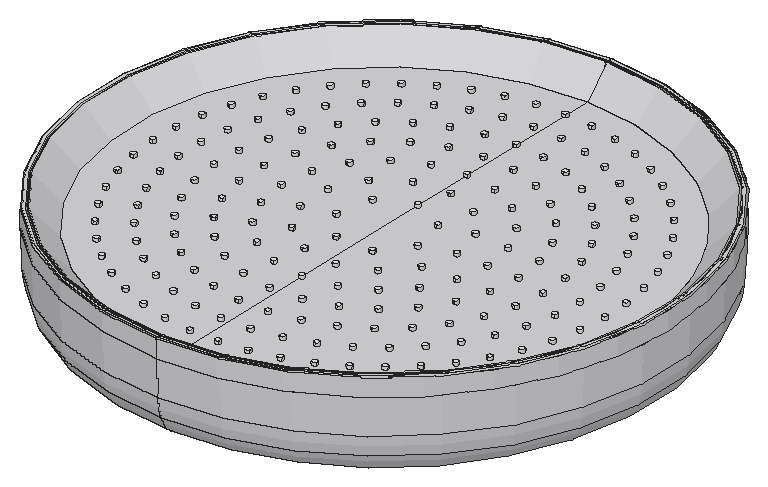
Revit family "Shower-Rainhead-KOHLER-K-26292_1", category Plumbing Fixtures, host Face, Revit 2017
Family settings
  Host = Face
  Round Connector Dimension = Use Diameter
  Part Type = Normal
  OmniClass Number = 23.31.17.00
  OmniClass Title = Showers
  Cut with Voids When Loaded = No
  Shared = No
  Room Calculation Point = No
Parameters (values of type "CP-Polished Chrome")
  Width = 13 115/128"  # constant formula
  WaterSense Certified = 1 = 0  # no
  Waste Water Outlet = "Waste Water Outlet"  # constant formula
  Waste Connection = 1 = 0  # no
  Vent Connection = 1 = 0  # no
  URL = "https://www.us.kohler.com/us/"
  Type = 1
  Product Page URL = "http://www.us.kohler.com/us/catalog/productDetails.jsp?productId=26292"
  Product Name = ""
  Product Documentation Link = "https://www.us.kohler.com/webassets/kpna/catalog/pdf/en/K-26292_spec.pdf"
  Pressure = 0.00 psi
  Model = if(Type = 1, "K-26292-CP", if(Type = 2, "K-26292-BN", if(Type = 3, "K-26292-BL", if(Type = 4, "K-26292-2MB", "NA"))))  # "K-26292-CP"
  Material = "Plastic"  # constant formula
  Master Format 2014 Name = "Residential Showers"  # constant formula
  Master Format 2014 = "22 42 23"  # constant formula
  Manufacturer Address = "444 Highland Dr, Kohler, WI 53044"  # constant formula
  Manufacturer = "KOHLER Co."  # constant formula
  Length = 13 115/128"  # constant formula
  Hot Water Inlet = "Tempered Water Inlet"  # constant formula
  Height = 3 31/32"  # constant formula
  HW Connection = 1 = 1  # yes
  Flow Rate = 2.5 GPM  # constant formula
  Finish = KOHLER-Plastic-CP-Polished_Chrome
  Environmental Product Declaration = ""
  Drain Included = 1 = 0  # no
  Description = "1F Medium Round Rainhead"  # constant formula
  Default Elevation = 0"
  Declare Label = ""
  Date Modified = "01/21/2021"  # constant formula
  Date Created = "01/21/2021"  # constant formula
  Copyright = "Copyright KOHLER Co."  # constant formula
  Contact Us = "https://www.us.kohler.com/us/static/contact.jsp"
  Cold Water Inlet = "Cold Water Inlet"  # constant formula
  CW Connection = 1 = 0  # no
  Assembly Code = "D2010700"
  ADA Compliant = 1 = 0  # no
Types (5): name | Type | Model | Finish
  (no name) | 1 | "K-26292-CP" | KOHLER-Plastic-CP-Polished_Chrome
  CP-Polished Chrome | 1 | "K-26292-CP" | KOHLER-Plastic-CP-Polished_Chrome
  BN-Vibrant Brushed Nickel | 2 | "K-26292-BN" | KOHLER-Plastic-BN-Vibrant_Brushed_Nickel
  BL-Matte Black | 3 | "K-26292-BL" | KOHLER-Plastic-BL-Matte_Black
  2MB-Vibrant Brushed Moderne Brass | 4 | "K-26292-2MB" | KOHLER-Plastic-2MB-Vibrant_Brushed_Moderne_Brass
Reference planes (in)
  plane 1 "Center (Front/Back)": y = 0
  plane 2: z = 0
  plane 3 "Center (Left/Right)": x = 0
  plane 4: y = 6.95
  plane 5: y = 2.98125
  plane 6: x = -6.95
  plane 7: x = 6.94844
  plane 8: z = 3.96875
  plane 9: z = 1.19
Dimensions and locks (in)
  "Height": plane 8 to level
  "Height": plane 4 to plane 5
  "Width": plane 6 to plane 7
  aligned and locked: plane 2 to host face
  aligned and locked: level to host face
Automatic sketch dimensions
  host sketch curve to host sketch curve = 96"  (x2)
Nested families (in)
  nested 1: "K-26292" at (0, 0, 0), type "K-26292"
Connectors (in)
  piping at (0, 0, 0), diameter 0.5, driven by "HW Connection", driven by "Hot Water Inlet", driven by "Flow Rate"
    settings: on nested 1, index 1, connector inside diameter 24", connector length 0", flow factor 0, pipe flow 2.5 GPM, pressure drop 0.00 psi, fitting loss kfactor 0, connector angle 0.00°, fixture units 0, engagement length 0", angle of deflection 0.00°, flow configuration 1, flow direction 1, fitting loss method 0, system type 19, joint type 0, gender type 0, connector reference index -1, connector utility 1, adjustable connector no, is connector primary yes, connector description "Tempered Water Inlet"
Definition of nested family "K-26292"
  Parameters (values of type "K-26292")
    Material = none
  Reference planes (in)
    plane 1 "Center (Front/Back)": y = 0
    plane 2: z = 0
    plane 3 "Center (Left/Right)": x = 0
    plane 4: x = -6.95
    plane 5: z = 3.97
    plane 6: z = 1.19
    plane 7: y = 6.95
    plane 8: x = 6.95
    plane 9: y = -6.95
  Forms (in)
    Revolve 1, solid, material <- "Material", detail levels medium+fine
      sketch origin (0, 0, 0) x (0, 1, 0) y (0, 0, 1)
        loop
          line (6.9281, 3.97) -> (6.8528, 3.97)
          arc (6.8528, 3.97) -> (6.83763, 3.96375) -> (6.83126, 3.94862) r 0.02155
          line (6.83126, 3.94862) -> (6.82967, 3.74213)
          arc (6.82967, 3.74213) -> (6.8221, 3.7815) -> (6.81956, 3.82151) r 0.31694
          line (6.81956, 3.82151) -> (6.81956, 3.95421)
          arc (6.81956, 3.95421) -> (6.81092, 3.96709) -> (6.79573, 3.96396) r 0.01391
          line (6.79573, 3.96396) -> (6.19738, 3.35453) -> (0, 3.35453) -> (0, 0) -> (0.47469, 0)
          arc (0.47469, 0) -> (0.48914, 0.00599) -> (0.49513, 0.02045) r 0.02045
          line (0.49513, 0.02045) -> (0.49513, 0.75101)
          arc (0.49513, 0.75101) -> (0.45634, 0.879) -> (0.35301, 0.96391) r 0.23052
          arc (0.35301, 0.96391) -> (0.31081, 1.0177) -> (0.33479, 1.08171) r 0.06978
          arc (0.33479, 1.08171) -> (0.44098, 1.20145) -> (0.50852, 1.34654) r 0.55414
          line (0.50852, 1.34654) -> (2.57513, 1.34654)
          arc (2.57513, 1.34654) -> (4.09102, 1.37419) -> (5.60489, 1.4571) r 41.56538
          arc (5.60489, 1.4571) -> (5.97056, 1.51447) -> (6.32179, 1.63124) r 2.24137
          arc (6.32179, 1.63124) -> (6.62545, 1.84229) -> (6.82058, 2.1564) r 0.91369
          arc (6.82058, 2.1564) -> (6.8901, 2.39883) -> (6.92366, 2.64879) r 1.73194
          arc (6.92366, 2.64879) -> (6.94341, 3.08298) -> (6.95, 3.51757) r 14.34154
          line (6.95, 3.51757) -> (6.95, 3.9481)
          arc (6.95, 3.9481) -> (6.94359, 3.96359) -> (6.9281, 3.97) r 0.0219
        axis (0, 3.97) -> (0, 0)
      angle from 0 to 360
    Extrusion 2, solid, material <- "Material", detail levels medium+fine
      sketch origin (0, 0, 0) x (1, 0, 0) y (0, 1, 0)
        loop
          circle (0, 0) r 0.5
        loop
          line (-0.35408, -0.85482) -> (0.35408, -0.85482) -> (0.85482, -0.35408) -> (0.85482, 0.35408) -> (0.35408, 0.85482) -> (-0.35408, 0.85482) -> (-0.85482, 0.35408) -> (-0.85482, -0.35408) -> (-0.35408, -0.85482)
      from 1.19 to 1.34654
    Sweep 3, solid, material <- "Material", detail levels medium+fine
      path origin (0, 0, 0) x (1, 0, 0) y (0, 1, 0)
        loop
          arc (0.8528, -0.37751) -> (0.8655, -0.3585) -> (0.86996, -0.33608) r 0.05859
          line (0.86996, -0.33608) -> (0.86996, 0.33608)
          arc (0.86996, 0.33608) -> (0.8655, 0.3585) -> (0.8528, 0.37751) r 0.05859
          line (0.8528, 0.37751) -> (0.37779, 0.85252)
          arc (0.37779, 0.85252) -> (0.35847, 0.86543) -> (0.33568, 0.86996) r 0.05955
          line (0.33568, 0.86996) -> (-0.33608, 0.86996)
          arc (-0.33608, 0.86996) -> (-0.3585, 0.8655) -> (-0.37751, 0.8528) r 0.05859
          line (-0.37751, 0.8528) -> (-0.8528, 0.37751)
          arc (-0.8528, 0.37751) -> (-0.8655, 0.3585) -> (-0.86996, 0.33608) r 0.05859
          line (-0.86996, 0.33608) -> (-0.86996, -0.33608)
          arc (-0.86996, -0.33608) -> (-0.8655, -0.3585) -> (-0.8528, -0.37751) r 0.05859
          line (-0.8528, -0.37751) -> (-0.37751, -0.8528)
          arc (-0.37751, -0.8528) -> (-0.3585, -0.8655) -> (-0.33608, -0.86996) r 0.05859
          line (-0.33608, -0.86996) -> (0.33608, -0.86996)
          arc (0.33608, -0.86996) -> (0.3585, -0.8655) -> (0.37751, -0.8528) r 0.05859
          line (0.37751, -0.8528) -> (0.8528, -0.37751)
      profile origin (0.61515, -0.61515, 0) x (0.707107, -0.707107, 0) y (0, 0, 1)
        loop
          line (-0.03076, 1.34654) -> (-0.03076, 1.19) -> (0.00031, 1.19)
          arc (0.00031, 1.19) -> (0.02793, 1.20144) -> (0.03937, 1.22906) r 0.03906
          line (0.03937, 1.22906) -> (0.03937, 1.3076)
          arc (0.03937, 1.3076) -> (0.02797, 1.33513) -> (0.00043, 1.34654) r 0.03894
          line (0.00043, 1.34654) -> (-0.03076, 1.34654)
    Extrusion 4, void
      sketch origin (0, 0, 0) x (1, 0, 0) y (0, 0, 1)
        loop
          line (-0.45475, 0.18235) -> (-0.45475, 0.92904) -> (-0.52139, 0.92904) -> (-0.52139, 0.09882) -> (-0.4667, 0.1535)
          arc (-0.4667, 0.1535) -> (-0.45786, 0.16674) -> (-0.45475, 0.18235) r 0.0408
        loop
          arc (0.45475, 0.18235) -> (0.45786, 0.16674) -> (0.4667, 0.1535) r 0.0408
          line (0.4667, 0.1535) -> (0.52139, 0.09882) -> (0.52139, 0.92904) -> (0.45475, 0.92904) -> (0.45475, 0.18235)
      from -1 to 1
    Extrusion 5, solid, detail levels medium+fine
      sketch origin (0, 0, 0) x (1, 0, 0) y (0, 1, 0)
        loop
          circle (-0.44206, -0.91889) r 0.06311
        loop
          circle (-0.99404, -0.22731) r 0.06311
        loop
          circle (-0.79749, 0.63545) r 0.06311
        loop
          circle (0, 1.0197) r 0.06311
        loop
          circle (0.44206, -0.91889) r 0.06311
        loop
          circle (0.99404, -0.22731) r 0.06311
        loop
          circle (0.79749, 0.63545) r 0.06311
        loop
          circle (1.76861, 0) r 0.06311
        loop
          circle (2.51861, 0) r 0.06311
        loop
          circle (3.26861, 0) r 0.06311
        loop
          circle (1.56602, 0.82191) r 0.06311
        loop
          circle (1.00468, 1.45553) r 0.06311
        loop
          circle (0.21318, 1.75571) r 0.06311
        loop
          circle (-0.62716, 1.65368) r 0.06311
        loop
          circle (-1.32382, 1.1728) r 0.06311
        loop
          circle (-1.71721, 0.42326) r 0.06311
        loop
          circle (1.56602, -0.82191) r 0.06311
        loop
          circle (1.00468, -1.45553) r 0.06311
        loop
          circle (0.21318, -1.75571) r 0.06311
        loop
          circle (-0.62716, -1.65368) r 0.06311
        loop
          circle (-1.32382, -1.1728) r 0.06311
        loop
          circle (-1.71721, -0.42326) r 0.06311
        loop
          circle (2.39534, 0.77829) r 0.06311
        loop
          circle (2.03759, 1.4804) r 0.06311
        loop
          circle (1.4804, 2.03759) r 0.06311
        loop
          circle (0.77829, 2.39534) r 0.06311
        loop
          circle (0, 2.51861) r 0.06311
        loop
          circle (-2.51861, 0) r 0.06311
        loop
          circle (-2.39534, 0.77829) r 0.06311
        loop
          circle (-2.03759, 1.4804) r 0.06311
        loop
          circle (-1.4804, 2.03759) r 0.06311
        loop
          circle (-0.77829, 2.39534) r 0.06311
        loop
          circle (2.39534, -0.77829) r 0.06311
        loop
          circle (2.03759, -1.4804) r 0.06311
        loop
          circle (1.4804, -2.03759) r 0.06311
        loop
          circle (0.77829, -2.39534) r 0.06311
        loop
          circle (0, -2.51861) r 0.06311
        loop
          circle (-2.39534, -0.77829) r 0.06311
        loop
          circle (-2.03759, -1.4804) r 0.06311
        loop
          circle (-1.4804, -2.03759) r 0.06311
        loop
          circle (-0.77829, -2.39534) r 0.06311
        loop
          circle (3.1805, 0.75379) r 0.06311
        loop
          circle (2.92093, 1.46695) r 0.06311
        loop
          circle (2.5039, 2.10102) r 0.06311
        loop
          circle (1.95188, 2.62182) r 0.06311
        loop
          circle (1.29463, 3.00129) r 0.06311
        loop
          circle (0.56759, 3.21895) r 0.06311
        loop
          circle (-0.19005, 3.26308) r 0.06311
        loop
          circle (-0.93745, 3.13129) r 0.06311
        loop
          circle (-1.6343, 2.8307) r 0.06311
        loop
          circle (-2.24305, 2.3775) r 0.06311
        loop
          circle (-2.73088, 1.79613) r 0.06311
        loop
          circle (-3.07148, 1.11793) r 0.06311
        loop
          circle (-3.2465, 0.37946) r 0.06311
        loop
          circle (3.1805, -0.75379) r 0.06311
        loop
          circle (2.92093, -1.46695) r 0.06311
        loop
          circle (2.5039, -2.10102) r 0.06311
        loop
          circle (1.95188, -2.62182) r 0.06311
        loop
          circle (1.29463, -3.00129) r 0.06311
        loop
          circle (0.56759, -3.21895) r 0.06311
        loop
          circle (-0.19005, -3.26308) r 0.06311
        loop
          circle (-0.93745, -3.13129) r 0.06311
        loop
          circle (-1.6343, -2.8307) r 0.06311
        loop
          circle (-2.24305, -2.3775) r 0.06311
        loop
          circle (-2.73088, -1.79613) r 0.06311
        loop
          circle (-3.07148, -1.11793) r 0.06311
        loop
          circle (-3.2465, -0.37946) r 0.06311
        loop
          circle (0, 4.01861) r 0.06311
        loop
          circle (-0.71755, 3.95403) r 0.06311
        loop
          circle (-1.41204, 3.76236) r 0.06311
        loop
          circle (-2.06114, 3.44977) r 0.06311
        loop
          circle (-2.644, 3.0263) r 0.06311
        loop
          circle (-3.14187, 2.50556) r 0.06311
        loop
          circle (-3.53877, 1.90429) r 0.06311
        loop
          circle (-3.82192, 1.24182) r 0.06311
        loop
          circle (-3.98224, 0.53943) r 0.06311
        loop
          circle (-4.01456, -0.18029) r 0.06311
        loop
          circle (-3.91785, -0.89422) r 0.06311
        loop
          circle (-3.69522, -1.57941) r 0.06311
        loop
          circle (-3.35382, -2.21384) r 0.06311
        loop
          circle (-2.90463, -2.77711) r 0.06311
        loop
          circle (-2.36208, -3.25112) r 0.06311
        loop
          circle (-1.74361, -3.62064) r 0.06311
        loop
          circle (-1.0691, -3.87379) r 0.06311
        loop
          circle (-0.36023, -4.00243) r 0.06311
        loop
          circle (0.71755, 3.95403) r 0.06311
        loop
          circle (1.41204, 3.76236) r 0.06311
        loop
          circle (2.06114, 3.44977) r 0.06311
        loop
          circle (2.644, 3.0263) r 0.06311
        loop
          circle (3.14187, 2.50556) r 0.06311
        loop
          circle (3.53877, 1.90429) r 0.06311
        loop
          circle (3.82192, 1.24182) r 0.06311
        loop
          circle (3.98224, 0.53943) r 0.06311
        loop
          circle (4.01456, -0.18029) r 0.06311
        loop
          circle (3.91785, -0.89422) r 0.06311
        loop
          circle (3.69522, -1.57941) r 0.06311
        loop
          circle (3.35382, -2.21384) r 0.06311
        loop
          circle (2.90463, -2.77711) r 0.06311
        loop
          circle (2.36208, -3.25112) r 0.06311
        loop
          circle (1.74361, -3.62064) r 0.06311
        loop
          circle (1.0691, -3.87379) r 0.06311
        loop
          circle (0.36023, -4.00243) r 0.06311
        loop
          circle (4.76861, 0) r 0.06311
        loop
          circle (4.71779, 0.69431) r 0.06311
        loop
          circle (4.56642, 1.37383) r 0.06311
        loop
          circle (4.31773, 2.02407) r 0.06311
        loop
          circle (3.97701, 2.63116) r 0.06311
        loop
          circle (3.55152, 3.18218) r 0.06311
        loop
          circle (3.05035, 3.66538) r 0.06311
        loop
          circle (2.48416, 4.07045) r 0.06311
        loop
          circle (1.86502, 4.38877) r 0.06311
        loop
          circle (1.20614, 4.61355) r 0.06311
        loop
          circle (0.52155, 4.74) r 0.06311
        loop
          circle (-0.17416, 4.76542) r 0.06311
        loop
          circle (-0.86615, 4.68928) r 0.06311
        loop
          circle (-1.53969, 4.5132) r 0.06311
        loop
          circle (-2.18041, 4.24092) r 0.06311
        loop
          circle (-2.77466, 3.87826) r 0.06311
        loop
          circle (-3.30977, 3.43294) r 0.06311
        loop
          circle (-3.77433, 2.91445) r 0.06311
        loop
          circle (-4.15846, 2.33384) r 0.06311
        loop
          circle (-4.45395, 1.70349) r 0.06311
        loop
          circle (-4.65452, 1.03684) r 0.06311
        loop
          circle (-4.75588, 0.34809) r 0.06311
        loop
          circle (4.71779, -0.69431) r 0.06311
        loop
          circle (4.56642, -1.37383) r 0.06311
        loop
          circle (4.31773, -2.02407) r 0.06311
        loop
          circle (3.97701, -2.63116) r 0.06311
        loop
          circle (3.55152, -3.18218) r 0.06311
        loop
          circle (3.05035, -3.66538) r 0.06311
        loop
          circle (2.48416, -4.07045) r 0.06311
        loop
          circle (1.86502, -4.38877) r 0.06311
        loop
          circle (1.20614, -4.61355) r 0.06311
        loop
          circle (0.52155, -4.74) r 0.06311
        loop
          circle (-0.17416, -4.76542) r 0.06311
        loop
          circle (-0.86615, -4.68928) r 0.06311
        loop
          circle (-1.53969, -4.5132) r 0.06311
        loop
          circle (-2.18041, -4.24092) r 0.06311
        loop
          circle (-2.77466, -3.87826) r 0.06311
        loop
          circle (-3.30977, -3.43294) r 0.06311
        loop
          circle (-3.77433, -2.91445) r 0.06311
        loop
          circle (-4.15846, -2.33384) r 0.06311
        loop
          circle (-4.45395, -1.70349) r 0.06311
        loop
          circle (-4.65452, -1.03684) r 0.06311
        loop
          circle (-4.75588, -0.34809) r 0.06311
        loop
          circle (0, 5.51861) r 0.06311
        loop
          circle (1.34606, 5.35193) r 0.06311
        loop
          circle (0.67817, 5.47678) r 0.06311
        loop
          circle (2.61082, 4.86196) r 0.06311
        loop
          circle (1.99355, 5.14595) r 0.06311
        loop
          circle (3.71786, 4.0783) r 0.06311
        loop
          circle (3.18851, 4.50427) r 0.06311
        loop
          circle (4.60032, 3.04828) r 0.06311
        loop
          circle (4.19086, 3.59051) r 0.06311
        loop
          circle (5.2049, 1.83414) r 0.06311
        loop
          circle (4.94005, 2.45985) r 0.06311
        loop
          circle (5.49506, 0.50919) r 0.06311
        loop
          circle (5.39084, 1.18061) r 0.06311
        loop
          circle (5.4533, -0.84651) r 0.06311
        loop
          circle (5.51599, -0.16995) r 0.06311
        loop
          circle (5.08211, -2.15107) r 0.06311
        loop
          circle (5.30794, -1.51024) r 0.06311
        loop
          circle (4.40394, -3.3257) r 0.06311
        loop
          circle (4.77925, -2.7593) r 0.06311
        loop
          circle (3.45975, -4.29944) r 0.06311
        loop
          circle (3.96187, -3.84169) r 0.06311
        loop
          circle (2.30656, -5.01346) r 0.06311
        loop
          circle (2.90517, -4.69201) r 0.06311
        loop
          circle (1.01404, -5.42464) r 0.06311
        loop
          circle (1.67298, -5.25891) r 0.06311
        loop
          circle (0.33973, -5.50814) r 0.06311
        loop
          circle (-1.34606, 5.35193) r 0.06311
        loop
          circle (-0.67817, 5.47678) r 0.06311
        loop
          circle (-2.61082, 4.86196) r 0.06311
        loop
          circle (-1.99355, 5.14595) r 0.06311
        loop
          circle (-3.71786, 4.0783) r 0.06311
        loop
          circle (-3.18851, 4.50427) r 0.06311
        loop
          circle (-4.60032, 3.04828) r 0.06311
        loop
          circle (-4.19086, 3.59051) r 0.06311
        loop
          circle (-5.2049, 1.83414) r 0.06311
        loop
          circle (-4.94005, 2.45985) r 0.06311
        loop
          circle (-5.49506, 0.50919) r 0.06311
        loop
          circle (-5.39084, 1.18061) r 0.06311
        loop
          circle (-5.4533, -0.84651) r 0.06311
        loop
          circle (-5.51599, -0.16995) r 0.06311
        loop
          circle (-5.08211, -2.15107) r 0.06311
        loop
          circle (-5.30794, -1.51024) r 0.06311
        loop
          circle (-4.40394, -3.3257) r 0.06311
        loop
          circle (-4.77925, -2.7593) r 0.06311
        loop
          circle (-3.45975, -4.29944) r 0.06311
        loop
          circle (-3.96187, -3.84169) r 0.06311
        loop
          circle (-2.30656, -5.01346) r 0.06311
        loop
          circle (-2.90517, -4.69201) r 0.06311
        loop
          circle (-1.01404, -5.42464) r 0.06311
        loop
          circle (-1.67298, -5.25891) r 0.06311
        loop
          circle (-0.33973, -5.50814) r 0.06311
      from 3.14063 to 3.41016
    Revolve 6, solid, material <- "Material", detail levels coarse
      sketch origin (0, 0, 0) x (0, 1, 0) y (0, 0, 1)
        loop
          line (0, 3.35453) -> (0, 0) -> (0.49513, 0) -> (0.49513, 1.19) -> (0.90933, 1.19) -> (0.90933, 1.34654) -> (6.17793, 1.34654) -> (6.95, 2.11861) -> (6.95, 3.97) -> (6.80166, 3.97) -> (6.19738, 3.35453) -> (0, 3.35453)
        axis (0, 3.97) -> (0, 0)
      angle from 0 to 360
  Cuts and joins
    Extrusion 4 cuts Revolve 1
    joined: Extrusion 2, Sweep 3
  Lines and regions (in)
    Masking region 1
      outline origin (0, 0, 0) x (0, 1, 0) y (0, 0, 1)
        loop
          line (6.9281, 3.97) -> (-6.9281, 3.97)
          arc (-6.9281, 3.97) -> (-6.94359, 3.96359) -> (-6.95, 3.9481) r 0.0219
          line (-6.95, 3.9481) -> (-6.95, 3.51757)
          arc (-6.95, 3.51757) -> (-6.94341, 3.08298) -> (-6.92366, 2.64879) r 14.34154
          arc (-6.92366, 2.64879) -> (-6.8901, 2.39883) -> (-6.82058, 2.1564) r 1.73194
          arc (-6.82058, 2.1564) -> (-6.62545, 1.84229) -> (-6.32179, 1.63124) r 0.91369
          arc (-6.32179, 1.63124) -> (-5.97056, 1.51447) -> (-5.60489, 1.4571) r 2.24137
          arc (-5.60489, 1.4571) -> (-4.09102, 1.37419) -> (-2.57513, 1.34654) r 41.56538
          line (-2.57513, 1.34654) -> (-0.86977, 1.34654)
          arc (-0.86977, 1.34654) -> (-0.89774, 1.33495) -> (-0.90933, 1.30697) r 0.03956
          line (-0.90933, 1.30697) -> (-0.90933, 1.22728)
          arc (-0.90933, 1.22728) -> (-0.89841, 1.20092) -> (-0.87205, 1.19) r 0.03728
          line (-0.87205, 1.19) -> (-0.43326, 1.19)
          arc (-0.43326, 1.19) -> (-0.38762, 1.13259) -> (-0.33479, 1.08171) r 0.55414
          arc (-0.33479, 1.08171) -> (-0.31081, 1.0177) -> (-0.35301, 0.96391) r 0.06978
          arc (-0.35301, 0.96391) -> (-0.45634, 0.879) -> (-0.49513, 0.75101) r 0.23052
          line (-0.49513, 0.75101) -> (-0.49513, 0.02045)
          arc (-0.49513, 0.02045) -> (-0.48914, 0.00599) -> (-0.47469, 0) r 0.02045
          line (-0.47469, 0) -> (0.47469, 0)
          arc (0.47469, 0) -> (0.48914, 0.00599) -> (0.49513, 0.02045) r 0.02045
          line (0.49513, 0.02045) -> (0.49513, 0.75101)
          arc (0.49513, 0.75101) -> (0.45634, 0.879) -> (0.35301, 0.96391) r 0.23052
          arc (0.35301, 0.96391) -> (0.31081, 1.0177) -> (0.33479, 1.08171) r 0.06978
          arc (0.33479, 1.08171) -> (0.38762, 1.13259) -> (0.43326, 1.19) r 0.55414
          line (0.43326, 1.19) -> (0.87205, 1.19)
          arc (0.87205, 1.19) -> (0.89841, 1.20092) -> (0.90933, 1.22728) r 0.03728
          line (0.90933, 1.22728) -> (0.90933, 1.30697)
          arc (0.90933, 1.30697) -> (0.89774, 1.33495) -> (0.86977, 1.34654) r 0.03956
          line (0.86977, 1.34654) -> (2.57513, 1.34654)
          arc (2.57513, 1.34654) -> (4.09102, 1.37419) -> (5.60489, 1.4571) r 41.56538
          arc (5.60489, 1.4571) -> (5.97056, 1.51447) -> (6.32179, 1.63124) r 2.24137
          arc (6.32179, 1.63124) -> (6.62545, 1.84229) -> (6.82058, 2.1564) r 0.91369
          arc (6.82058, 2.1564) -> (6.8901, 2.39883) -> (6.92366, 2.64879) r 1.73194
          arc (6.92366, 2.64879) -> (6.94341, 3.08298) -> (6.95, 3.51757) r 14.34154
          line (6.95, 3.51757) -> (6.95, 3.9481)
          arc (6.95, 3.9481) -> (6.94359, 3.96359) -> (6.9281, 3.97) r 0.0219
    Masking region 2
      outline origin (0, 0, 0) x (1, 0, 0) y (0, 0, 1)
        loop
          arc (-6.9281, 3.97) -> (-6.94359, 3.96359) -> (-6.95, 3.9481) r 0.0219
          line (-6.95, 3.9481) -> (-6.95, 3.51757)
          arc (-6.95, 3.51757) -> (-6.94341, 3.08298) -> (-6.92366, 2.64879) r 14.34154
          arc (-6.92366, 2.64879) -> (-6.8901, 2.39883) -> (-6.82058, 2.1564) r 1.73194
          arc (-6.82058, 2.1564) -> (-6.62545, 1.84229) -> (-6.32179, 1.63124) r 0.91369
          arc (-6.32179, 1.63124) -> (-5.97056, 1.51447) -> (-5.60489, 1.4571) r 2.24137
          arc (-5.60489, 1.4571) -> (-4.09102, 1.37419) -> (-2.57513, 1.34654) r 41.56538
          line (-2.57513, 1.34654) -> (-0.86977, 1.34654)
          arc (-0.86977, 1.34654) -> (-0.89774, 1.33495) -> (-0.90933, 1.30697) r 0.03956
          line (-0.90933, 1.30697) -> (-0.90933, 1.22728)
          arc (-0.90933, 1.22728) -> (-0.89841, 1.20092) -> (-0.87205, 1.19) r 0.03728
          line (-0.87205, 1.19) -> (-0.43326, 1.19)
          arc (-0.43326, 1.19) -> (-0.38762, 1.13259) -> (-0.33479, 1.08171) r 0.55414
          arc (-0.33479, 1.08171) -> (-0.31081, 1.0177) -> (-0.35301, 0.96391) r 0.06978
          arc (-0.35301, 0.96391) -> (-0.40987, 0.93001) -> (-0.45475, 0.88135) r 0.23052
          line (-0.45475, 0.88135) -> (-0.45475, 0.18235)
          arc (-0.45475, 0.18235) -> (-0.45786, 0.16674) -> (-0.4667, 0.1535) r 0.0408
          line (-0.4667, 0.1535) -> (-0.49513, 0.12507) -> (-0.49513, 0.02045)
          arc (-0.49513, 0.02045) -> (-0.48914, 0.00599) -> (-0.47469, 0) r 0.02045
          line (-0.47469, 0) -> (0.47469, 0)
          arc (0.47469, 0) -> (0.48914, 0.00599) -> (0.49513, 0.02045) r 0.02045
          line (0.49513, 0.02045) -> (0.49513, 0.12507) -> (0.4667, 0.1535)
          arc (0.4667, 0.1535) -> (0.45786, 0.16674) -> (0.45475, 0.18235) r 0.0408
          line (0.45475, 0.18235) -> (0.45475, 0.88135)
          arc (0.45475, 0.88135) -> (0.40987, 0.93001) -> (0.35301, 0.96391) r 0.23052
          arc (0.35301, 0.96391) -> (0.31081, 1.0177) -> (0.33479, 1.08171) r 0.06978
          arc (0.33479, 1.08171) -> (0.38762, 1.13259) -> (0.43326, 1.19) r 0.55414
          line (0.43326, 1.19) -> (0.87205, 1.19)
          arc (0.87205, 1.19) -> (0.89841, 1.20092) -> (0.90933, 1.22728) r 0.03728
          line (0.90933, 1.22728) -> (0.90933, 1.30697)
          arc (0.90933, 1.30697) -> (0.89774, 1.33495) -> (0.86977, 1.34654) r 0.03956
          line (0.86977, 1.34654) -> (2.57513, 1.34654)
          arc (2.57513, 1.34654) -> (4.09102, 1.37419) -> (5.60489, 1.4571) r 41.56538
          arc (5.60489, 1.4571) -> (5.97056, 1.51447) -> (6.32179, 1.63124) r 2.24137
          arc (6.32179, 1.63124) -> (6.62545, 1.84229) -> (6.82058, 2.1564) r 0.91369
          arc (6.82058, 2.1564) -> (6.8901, 2.39883) -> (6.92366, 2.64879) r 1.73194
          arc (6.92366, 2.64879) -> (6.94341, 3.08298) -> (6.95, 3.51757) r 14.34154
          line (6.95, 3.51757) -> (6.95, 3.9481)
          arc (6.95, 3.9481) -> (6.94359, 3.96359) -> (6.9281, 3.97) r 0.0219
          line (6.9281, 3.97) -> (-6.9281, 3.97)
    Masking region 3
      outline origin (0, 0, 0) x (1, 0, 0) y (0, 1, 0)
        loop
          circle (0, 0) r 7
    symbolic lines, detail levels medium+fine
      curve 1: line (-0.86977, 0, 1.34654) -> (0.86977, 0, 1.34654)
      curve 2: line (-0.43326, 0, 1.19) -> (0.43326, 0, 1.19)
      curve 3: line (-0.49513, 0, 0.02045) -> (0.49513, 0, 0.02045)
      curve 4: line (-0.45475, 0, 0.75101) -> (0.45475, 0, 0.75101)
      curve 5: line (0.35413, 0, 0.96346) -> (-0.35413, 0, 0.96346)
      curve 6: line (0.33546, 0, 1.08228) -> (-0.33546, 0, 1.08228)
      curve 7: line (-0.8805, 0, 1.22843) -> (-0.8805, 0, 1.30717)
      curve 8: line (-0.40548, 0, 1.22843) -> (-0.40548, 0, 1.30717)
      curve 9: line (-0.33589, 0, 1.34654) -> (-0.33589, 0, 1.19)
      curve 10: arc (-0.8805, 0, 1.30717) -> (-0.87952, 0, 1.31769) -> (-0.87661, 0, 1.32786) r 0.05701
      curve 11: arc (-0.87661, 0, 1.32786) -> (-0.86721, 0, 1.34049) -> (-0.85266, 0, 1.34654) r 0.02968
      curve 12: arc (-0.8805, 0, 1.22843) -> (-0.87952, 0, 1.2179) -> (-0.87661, 0, 1.20773) r 0.05701
      curve 13: arc (-0.87661, 0, 1.20773) -> (-0.86899, 0, 1.1966) -> (-0.85723, 0, 1.19) r 0.02968
      curve 14: arc (-0.40548, 0, 1.30717) -> (-0.4045, 0, 1.31769) -> (-0.4016, 0, 1.32786) r 0.05701
      curve 15: arc (-0.4016, 0, 1.32786) -> (-0.39219, 0, 1.34049) -> (-0.37765, 0, 1.34654) r 0.02968
      curve 16: arc (-0.40548, 0, 1.22843) -> (-0.4045, 0, 1.2179) -> (-0.4016, 0, 1.20773) r 0.05701
      curve 17: arc (-0.4016, 0, 1.20773) -> (-0.39397, 0, 1.1966) -> (-0.38222, 0, 1.19) r 0.02968
      curve 18: line (0.8805, 0, 1.22709) -> (0.8805, 0, 1.30717)
      curve 19: line (0.40548, 0, 1.22843) -> (0.40548, 0, 1.30717)
      curve 20: line (0.33589, 0, 1.34654) -> (0.33589, 0, 1.19)
      curve 21: arc (0.87661, 0, 1.32786) -> (0.86721, 0, 1.34049) -> (0.85266, 0, 1.34654) r 0.02968
      curve 22: arc (0.4016, 0, 1.32786) -> (0.39219, 0, 1.34049) -> (0.37765, 0, 1.34654) r 0.02968
      curve 23: arc (0.4016, 0, 1.20773) -> (0.39397, 0, 1.1966) -> (0.38222, 0, 1.19) r 0.02968
      curve 24: arc (0.40548, 0, 1.30717) -> (0.4045, 0, 1.31769) -> (0.4016, 0, 1.32786) r 0.05701
      curve 25: arc (0.4016, 0, 1.20773) -> (0.4045, 0, 1.2179) -> (0.40548, 0, 1.22843) r 0.05701
      curve 26: arc (0.8805, 0, 1.30717) -> (0.87952, 0, 1.31769) -> (0.87661, 0, 1.32786) r 0.05701
      curve 27: arc (0.87661, 0, 1.2064) -> (0.87039, 0, 1.19664) -> (0.8609, 0, 1.19) r 0.02968
      curve 28: arc (0.8805, 0, 1.22709) -> (0.87952, 0, 1.21656) -> (0.87661, 0, 1.2064) r 0.05701
      curve 29: line (-0.90933, 0, 1.30697) -> (0.90933, 0, 1.30697)
      curve 30: line (-0.90933, 0, 1.22728) -> (0.90933, 0, 1.22728)
      curve 31: line (0, 0.86977, 1.34654) -> (0, -0.86977, 1.34654)
      curve 32: line (0, -0.90933, 1.30697) -> (0, 0.90933, 1.30697)
      curve 33: line (0, 0.90933, 1.22728) -> (0, -0.90933, 1.22728)
      curve 34: line (0, 0.43326, 1.19) -> (0, -0.43326, 1.19)
      curve 35: line (0, 0.35301, 0.96391) -> (0, -0.35301, 0.96391)
      curve 36: line (0, 0.49513, 0.75101) -> (0, 0.19585, 0.75101)
      curve 37: line (0, 0.49513, 0.02045) -> (0, -0.49513, 0.02045)
      curve 38: line (0, 0.8805, 1.22843) -> (0, 0.8805, 1.30717)
      curve 39: line (0, 0.40548, 1.22843) -> (0, 0.40548, 1.30717)
      curve 40: line (0, 0.33589, 1.19) -> (0, 0.33589, 1.34654)
      curve 41: arc (0, 0.8805, 1.30717) -> (0, 0.8787, 1.32099) -> (0, 0.87341, 1.3339) r 0.05392
      curve 42: arc (0, 0.87341, 1.3339) -> (0, 0.86501, 1.34269) -> (0, 0.85348, 1.34654) r 0.02521
      curve 43: arc (0, 0.87557, 1.2067) -> (0, 0.87925, 1.21728) -> (0, 0.8805, 1.22843) r 0.05029
      curve 44: arc (0, 0.86053, 1.19) -> (0, 0.86925, 1.19726) -> (0, 0.87557, 1.2067) r 0.03978
      curve 45: arc (0, 0.40548, 1.30717) -> (0, 0.40394, 1.3199) -> (0, 0.39938, 1.33189) r 0.05317
      curve 46: arc (0, 0.39938, 1.33189) -> (0, 0.39036, 1.34196) -> (0, 0.37765, 1.34654) r 0.02762
      curve 47: arc (0, 0.39977, 1.20441) -> (0, 0.40404, 1.21608) -> (0, 0.40548, 1.22843) r 0.0533
      curve 48: arc (0, 0.38398, 1.19) -> (0, 0.3932, 1.19575) -> (0, 0.39977, 1.20441) r 0.03005
      curve 49: line (0, -0.33589, 1.19) -> (0, -0.33589, 1.34654)
      curve 50: line (0, -0.40548, 1.22843) -> (0, -0.40548, 1.30717)
      curve 51: line (0, -0.8805, 1.22843) -> (0, -0.8805, 1.30717)
      curve 52: arc (0, -0.40548, 1.30717) -> (0, -0.40379, 1.32059) -> (0, -0.39881, 1.33318) r 0.05404
      curve 53: arc (0, -0.39881, 1.33318) -> (0, -0.3903, 1.34239) -> (0, -0.37847, 1.34654) r 0.02598
      curve 54: arc (0, -0.39848, 1.20306) -> (0, -0.4037, 1.21527) -> (0, -0.40548, 1.22843) r 0.04945
      curve 55: arc (0, -0.38197, 1.19) -> (0, -0.39143, 1.19501) -> (0, -0.39848, 1.20306) r 0.02964
      curve 56: arc (0, -0.8805, 1.30717) -> (0, -0.87904, 1.31976) -> (0, -0.87472, 1.33168) r 0.05483
      curve 57: arc (0, -0.87472, 1.33168) -> (0, -0.86564, 1.34201) -> (0, -0.85266, 1.34654) r 0.02702
      curve 58: arc (0, -0.87421, 1.20402) -> (0, -0.8789, 1.21582) -> (0, -0.8805, 1.22843) r 0.05045
      curve 59: arc (0, -0.85926, 1.19) -> (0, -0.86784, 1.19583) -> (0, -0.87421, 1.20402) r 0.03332
      curve 60: line (0, 0.19585, 0.18177) -> (0, 0.19585, 0.75101)
      curve 61: line (0, -0.19585, 0.75101) -> (0, -0.19585, 0.1818)
      curve 62: spline (0, 0.16686, 0.15407) -> (0, 0.17022, 0.15487) -> (0, 0.1735, 0.156) -> (0, 0.17665, 0.15745) -> (0, 0.17966, 0.15919) -> (0, 0.18251, 0.16123) -> (0, 0.18515, 0.16353) -> (0, 0.18758, 0.16608) -> (0, 0.18978, 0.16886) -> (0, 0.19172, 0.17185) -> (0, 0.19338, 0.17501) -> (0, 0.19477, 0.17833) -> (0, 0.19585, 0.18177)
      curve 63: spline (0, -0.16688, 0.15407) -> (0, -0.14073, 0.14536) -> (0, -0.11369, 0.13816) -> (0, -0.08591, 0.1325) -> (0, -0.05758, 0.12844) -> (0, -0.02889, 0.12599) -> (0, -0.00001, 0.12517) -> (0, 0.02887, 0.12599) -> (0, 0.05756, 0.12844) -> (0, 0.08589, 0.1325) -> (0, 0.11367, 0.13815) -> (0, 0.14071, 0.14536) -> (0, 0.16686, 0.15407)
      curve 64: spline (0, -0.19585, 0.1818) -> (0, -0.19473, 0.17835) -> (0, -0.19332, 0.17503) -> (0, -0.19163, 0.17186) -> (0, -0.18968, 0.16887) -> (0, -0.18747, 0.16609) -> (0, -0.18504, 0.16354) -> (0, -0.1824, 0.16123) -> (0, -0.17957, 0.1592) -> (0, -0.17657, 0.15745) -> (0, -0.17344, 0.15601) -> (0, -0.1702, 0.15488) -> (0, -0.16688, 0.15407)
      curve 65: line (0, 0.19585, 0.75101) -> (0, -0.19585, 0.75101)
      curve 66: line (0, -0.19585, 0.75101) -> (0, -0.49513, 0.75101)
      curve 67: circle (0, 0, 0) r 6.19738 normal (0, 0, 1)
      curve 68: circle (0, 0, 0) r 6.81843 normal (0, 0, 1)
      curve 69: circle (0, 0, 0) r 6.82967 normal (0, 0, 1)
      curve 70: circle (0.67817, 5.47678, 0) r 0.06311 normal (0, 0, 1)
      curve 71: circle (-0.33973, -5.50814, 0) r 0.06311 normal (0, 0, 1)
      curve 72: circle (1.34606, 5.35193, 0) r 0.06311 normal (0, 0, 1)
      curve 73: circle (1.99355, 5.14595, 0) r 0.06311 normal (0, 0, 1)
      curve 74: circle (2.61082, 4.86196, 0) r 0.06311 normal (0, 0, 1)
      curve 75: circle (3.18851, 4.50427, 0) r 0.06311 normal (0, 0, 1)
      curve 76: circle (3.71786, 4.0783, 0) r 0.06311 normal (0, 0, 1)
      curve 77: circle (4.19086, 3.59051, 0) r 0.06311 normal (0, 0, 1)
      curve 78: circle (4.60032, 3.04828, 0) r 0.06311 normal (0, 0, 1)
      curve 79: circle (4.94005, 2.45985, 0) r 0.06311 normal (0, 0, 1)
      curve 80: circle (5.2049, 1.83414, 0) r 0.06311 normal (0, 0, 1)
      curve 81: circle (5.39084, 1.18061, 0) r 0.06311 normal (0, 0, 1)
      curve 82: circle (5.49506, 0.50919, 0) r 0.06311 normal (0, 0, 1)
      curve 83: circle (5.51599, -0.16995, 0) r 0.06311 normal (0, 0, 1)
      curve 84: circle (5.4533, -0.84651, 0) r 0.06311 normal (0, 0, 1)
      curve 85: circle (5.30794, -1.51024, 0) r 0.06311 normal (0, 0, 1)
      curve 86: circle (5.08211, -2.15107, 0) r 0.06311 normal (0, 0, 1)
      curve 87: circle (4.77925, -2.7593, 0) r 0.06311 normal (0, 0, 1)
      curve 88: circle (4.40394, -3.3257, 0) r 0.06311 normal (0, 0, 1)
      curve 89: circle (3.96187, -3.84169, 0) r 0.06311 normal (0, 0, 1)
      curve 90: circle (3.45975, -4.29944, 0) r 0.06311 normal (0, 0, 1)
      curve 91: circle (2.90517, -4.69201, 0) r 0.06311 normal (0, 0, 1)
      curve 92: circle (2.30656, -5.01346, 0) r 0.06311 normal (0, 0, 1)
      curve 93: circle (1.67298, -5.25891, 0) r 0.06311 normal (0, 0, 1)
      curve 94: circle (1.01404, -5.42464, 0) r 0.06311 normal (0, 0, 1)
      curve 95: circle (0.33973, -5.50814, 0) r 0.06311 normal (0, 0, 1)
      curve 96: circle (-0.67817, 5.47678, 0) r 0.06311 normal (0, 0, -1)
      curve 97: circle (-1.34606, 5.35193, 0) r 0.06311 normal (0, 0, -1)
      curve 98: circle (-1.99355, 5.14595, 0) r 0.06311 normal (0, 0, -1)
      curve 99: circle (-2.61082, 4.86196, 0) r 0.06311 normal (0, 0, -1)
      curve 100: circle (-3.18851, 4.50427, 0) r 0.06311 normal (0, 0, -1)
      curve 101: circle (-3.71786, 4.0783, 0) r 0.06311 normal (0, 0, -1)
      curve 102: circle (-4.19086, 3.59051, 0) r 0.06311 normal (0, 0, -1)
      curve 103: circle (-4.60032, 3.04828, 0) r 0.06311 normal (0, 0, -1)
      curve 104: circle (-4.94005, 2.45985, 0) r 0.06311 normal (0, 0, -1)
      curve 105: circle (-5.2049, 1.83414, 0) r 0.06311 normal (0, 0, -1)
      curve 106: circle (-5.39084, 1.18061, 0) r 0.06311 normal (0, 0, -1)
      curve 107: circle (-5.49506, 0.50919, 0) r 0.06311 normal (0, 0, -1)
      curve 108: circle (-5.51599, -0.16995, 0) r 0.06311 normal (0, 0, -1)
      curve 109: circle (-5.4533, -0.84651, 0) r 0.06311 normal (0, 0, -1)
      curve 110: circle (-5.30794, -1.51024, 0) r 0.06311 normal (0, 0, -1)
      curve 111: circle (-5.08211, -2.15107, 0) r 0.06311 normal (0, 0, -1)
      curve 112: circle (-4.77925, -2.7593, 0) r 0.06311 normal (0, 0, -1)
      curve 113: circle (-4.40394, -3.3257, 0) r 0.06311 normal (0, 0, -1)
      curve 114: circle (-3.96187, -3.84169, 0) r 0.06311 normal (0, 0, -1)
      curve 115: circle (-3.45975, -4.29944, 0) r 0.06311 normal (0, 0, -1)
      curve 116: circle (-2.90517, -4.69201, 0) r 0.06311 normal (0, 0, -1)
      curve 117: circle (-2.30656, -5.01346, 0) r 0.06311 normal (0, 0, -1)
      curve 118: circle (-1.67298, -5.25891, 0) r 0.06311 normal (0, 0, -1)
      curve 119: circle (-1.01404, -5.42464, 0) r 0.06311 normal (0, 0, -1)
      curve 120: circle (0, 5.51861, 0) r 0.06311 normal (0, 0, 1)
      curve 121: circle (4.76861, 0, 0) r 0.06311 normal (0, 0, 1)
      curve 122: circle (-4.75588, 0.34809, 0) r 0.06311 normal (0, 0, 1)
      curve 123: circle (4.71779, 0.69431, 0) r 0.06311 normal (0, 0, 1)
      curve 124: circle (4.56642, 1.37383, 0) r 0.06311 normal (0, 0, 1)
      curve 125: circle (4.31773, 2.02407, 0) r 0.06311 normal (0, 0, 1)
      curve 126: circle (3.97701, 2.63116, 0) r 0.06311 normal (0, 0, 1)
      curve 127: circle (3.55152, 3.18218, 0) r 0.06311 normal (0, 0, 1)
      curve 128: circle (3.05035, 3.66538, 0) r 0.06311 normal (0, 0, 1)
      curve 129: circle (2.48416, 4.07045, 0) r 0.06311 normal (0, 0, 1)
      curve 130: circle (1.86502, 4.38877, 0) r 0.06311 normal (0, 0, 1)
      curve 131: circle (1.20614, 4.61355, 0) r 0.06311 normal (0, 0, 1)
      curve 132: circle (0.52155, 4.74, 0) r 0.06311 normal (0, 0, 1)
      curve 133: circle (-0.17416, 4.76542, 0) r 0.06311 normal (0, 0, 1)
      curve 134: circle (-0.86615, 4.68928, 0) r 0.06311 normal (0, 0, 1)
      curve 135: circle (-1.53969, 4.5132, 0) r 0.06311 normal (0, 0, 1)
      curve 136: circle (-2.18041, 4.24092, 0) r 0.06311 normal (0, 0, 1)
      curve 137: circle (-2.77466, 3.87826, 0) r 0.06311 normal (0, 0, 1)
      curve 138: circle (-3.30977, 3.43294, 0) r 0.06311 normal (0, 0, 1)
      curve 139: circle (-3.77433, 2.91445, 0) r 0.06311 normal (0, 0, 1)
      curve 140: circle (-4.15846, 2.33384, 0) r 0.06311 normal (0, 0, 1)
      curve 141: circle (-4.45395, 1.70349, 0) r 0.06311 normal (0, 0, 1)
      curve 142: circle (-4.65452, 1.03684, 0) r 0.06311 normal (0, 0, 1)
      curve 143: circle (-4.75588, -0.34809, 0) r 0.06311 normal (0, 0, -1)
      curve 144: circle (4.71779, -0.69431, 0) r 0.06311 normal (0, 0, -1)
      curve 145: circle (4.56642, -1.37383, 0) r 0.06311 normal (0, 0, -1)
      curve 146: circle (4.31773, -2.02407, 0) r 0.06311 normal (0, 0, -1)
      curve 147: circle (3.97701, -2.63116, 0) r 0.06311 normal (0, 0, -1)
      curve 148: circle (3.55152, -3.18218, 0) r 0.06311 normal (0, 0, -1)
      curve 149: circle (3.05035, -3.66538, 0) r 0.06311 normal (0, 0, -1)
      curve 150: circle (2.48416, -4.07045, 0) r 0.06311 normal (0, 0, -1)
      curve 151: circle (1.86502, -4.38877, 0) r 0.06311 normal (0, 0, -1)
      curve 152: circle (1.20614, -4.61355, 0) r 0.06311 normal (0, 0, -1)
      curve 153: circle (0.52155, -4.74, 0) r 0.06311 normal (0, 0, -1)
      curve 154: circle (-0.17416, -4.76542, 0) r 0.06311 normal (0, 0, -1)
      curve 155: circle (-0.86615, -4.68928, 0) r 0.06311 normal (0, 0, -1)
      curve 156: circle (-1.53969, -4.5132, 0) r 0.06311 normal (0, 0, -1)
      curve 157: circle (-2.18041, -4.24092, 0) r 0.06311 normal (0, 0, -1)
      curve 158: circle (-2.77466, -3.87826, 0) r 0.06311 normal (0, 0, -1)
      curve 159: circle (-3.30977, -3.43294, 0) r 0.06311 normal (0, 0, -1)
      curve 160: circle (-3.77433, -2.91445, 0) r 0.06311 normal (0, 0, -1)
      curve 161: circle (-4.15846, -2.33384, 0) r 0.06311 normal (0, 0, -1)
      curve 162: circle (-4.45395, -1.70349, 0) r 0.06311 normal (0, 0, -1)
      curve 163: circle (-4.65452, -1.03684, 0) r 0.06311 normal (0, 0, -1)
      curve 164: circle (0, 4.01861, 0) r 0.06311 normal (0, 0, 1)
      curve 165: circle (-0.36023, -4.00243, 0) r 0.06311 normal (0, 0, 1)
      curve 166: circle (-0.71755, 3.95403, 0) r 0.06311 normal (0, 0, 1)
      curve 167: circle (-1.41204, 3.76236, 0) r 0.06311 normal (0, 0, 1)
      curve 168: circle (-2.06114, 3.44977, 0) r 0.06311 normal (0, 0, 1)
      curve 169: circle (-2.644, 3.0263, 0) r 0.06311 normal (0, 0, 1)
      curve 170: circle (-3.14187, 2.50556, 0) r 0.06311 normal (0, 0, 1)
      curve 171: circle (-3.53877, 1.90429, 0) r 0.06311 normal (0, 0, 1)
      curve 172: circle (-3.82192, 1.24182, 0) r 0.06311 normal (0, 0, 1)
      curve 173: circle (-3.98224, 0.53943, 0) r 0.06311 normal (0, 0, 1)
      curve 174: circle (-4.01456, -0.18029, 0) r 0.06311 normal (0, 0, 1)
      curve 175: circle (-3.91785, -0.89422, 0) r 0.06311 normal (0, 0, 1)
      curve 176: circle (-3.69522, -1.57941, 0) r 0.06311 normal (0, 0, 1)
      curve 177: circle (-3.35382, -2.21384, 0) r 0.06311 normal (0, 0, 1)
      curve 178: circle (-2.90463, -2.77711, 0) r 0.06311 normal (0, 0, 1)
      curve 179: circle (-2.36208, -3.25112, 0) r 0.06311 normal (0, 0, 1)
      curve 180: circle (-1.74361, -3.62064, 0) r 0.06311 normal (0, 0, 1)
      curve 181: circle (-1.0691, -3.87379, 0) r 0.06311 normal (0, 0, 1)
      curve 182: circle (0.36023, -4.00243, 0) r 0.06311 normal (0, 0, -1)
      curve 183: circle (0.71755, 3.95403, 0) r 0.06311 normal (0, 0, -1)
      curve 184: circle (1.41204, 3.76236, 0) r 0.06311 normal (0, 0, -1)
      curve 185: circle (2.06114, 3.44977, 0) r 0.06311 normal (0, 0, -1)
      curve 186: circle (2.644, 3.0263, 0) r 0.06311 normal (0, 0, -1)
      curve 187: circle (3.14187, 2.50556, 0) r 0.06311 normal (0, 0, -1)
      curve 188: circle (3.53877, 1.90429, 0) r 0.06311 normal (0, 0, -1)
      curve 189: circle (3.82192, 1.24182, 0) r 0.06311 normal (0, 0, -1)
      curve 190: circle (3.98224, 0.53943, 0) r 0.06311 normal (0, 0, -1)
      curve 191: circle (4.01456, -0.18029, 0) r 0.06311 normal (0, 0, -1)
      curve 192: circle (3.91785, -0.89422, 0) r 0.06311 normal (0, 0, -1)
      curve 193: circle (3.69522, -1.57941, 0) r 0.06311 normal (0, 0, -1)
      curve 194: circle (3.35382, -2.21384, 0) r 0.06311 normal (0, 0, -1)
      curve 195: circle (2.90463, -2.77711, 0) r 0.06311 normal (0, 0, -1)
      curve 196: circle (2.36208, -3.25112, 0) r 0.06311 normal (0, 0, -1)
      curve 197: circle (1.74361, -3.62064, 0) r 0.06311 normal (0, 0, -1)
      curve 198: circle (1.0691, -3.87379, 0) r 0.06311 normal (0, 0, -1)
      curve 199: circle (3.26861, 0, 0) r 0.06311 normal (0, 0, -1)
      curve 200: circle (2.51861, 0, 0) r 0.06311 normal (0, 0, -1)
      curve 201: circle (1.76861, 0, 0) r 0.06311 normal (0, 0, -1)
      curve 202: circle (0.99404, -0.22731, 0) r 0.06311 normal (0, 0, -1)
      curve 203: circle (0.79749, 0.63545, 0) r 0.06311 normal (0, 0, -1)
      curve 204: circle (0, 1.0197, 0) r 0.06311 normal (0, 0, -1)
      curve 205: circle (-0.79749, 0.63545, 0) r 0.06311 normal (0, 0, -1)
      curve 206: circle (-0.99404, -0.22731, 0) r 0.06311 normal (0, 0, -1)
      curve 207: circle (-0.44206, -0.91889, 0) r 0.06311 normal (0, 0, -1)
      curve 208: circle (0.44206, -0.91889, 0) r 0.06311 normal (0, 0, -1)
      curve 209: circle (-3.2465, 0.37946, 0) r 0.06311 normal (0, 0, -1)
      curve 210: circle (3.1805, 0.75379, 0) r 0.06311 normal (0, 0, -1)
      curve 211: circle (2.92093, 1.46695, 0) r 0.06311 normal (0, 0, -1)
      curve 212: circle (2.5039, 2.10102, 0) r 0.06311 normal (0, 0, -1)
      curve 213: circle (1.95188, 2.62182, 0) r 0.06311 normal (0, 0, -1)
      curve 214: circle (1.29463, 3.00129, 0) r 0.06311 normal (0, 0, -1)
      curve 215: circle (0.56759, 3.21895, 0) r 0.06311 normal (0, 0, -1)
      curve 216: circle (-0.19005, 3.26308, 0) r 0.06311 normal (0, 0, -1)
      curve 217: circle (-0.93745, 3.13129, 0) r 0.06311 normal (0, 0, -1)
      curve 218: circle (-1.6343, 2.8307, 0) r 0.06311 normal (0, 0, -1)
      curve 219: circle (-2.24305, 2.3775, 0) r 0.06311 normal (0, 0, -1)
      curve 220: circle (-2.73088, 1.79613, 0) r 0.06311 normal (0, 0, -1)
      curve 221: circle (-3.07148, 1.11793, 0) r 0.06311 normal (0, 0, -1)
      curve 222: circle (-3.2465, -0.37946, 0) r 0.06311 normal (0, 0, 1)
      curve 223: circle (3.1805, -0.75379, 0) r 0.06311 normal (0, 0, 1)
      curve 224: circle (2.92093, -1.46695, 0) r 0.06311 normal (0, 0, 1)
      curve 225: circle (2.5039, -2.10102, 0) r 0.06311 normal (0, 0, 1)
      curve 226: circle (1.95188, -2.62182, 0) r 0.06311 normal (0, 0, 1)
      curve 227: circle (1.29463, -3.00129, 0) r 0.06311 normal (0, 0, 1)
      curve 228: circle (0.56759, -3.21895, 0) r 0.06311 normal (0, 0, 1)
      curve 229: circle (-0.19005, -3.26308, 0) r 0.06311 normal (0, 0, 1)
      curve 230: circle (-0.93745, -3.13129, 0) r 0.06311 normal (0, 0, 1)
      curve 231: circle (-1.6343, -2.8307, 0) r 0.06311 normal (0, 0, 1)
      curve 232: circle (-2.24305, -2.3775, 0) r 0.06311 normal (0, 0, 1)
      curve 233: circle (-2.73088, -1.79613, 0) r 0.06311 normal (0, 0, 1)
      curve 234: circle (-3.07148, -1.11793, 0) r 0.06311 normal (0, 0, 1)
      curve 235: circle (-2.51861, 0, 0) r 0.06311 normal (0, 0, -1)
      curve 236: circle (2.39534, -0.77829, 0) r 0.06311 normal (0, 0, -1)
      curve 237: circle (2.03759, -1.4804, 0) r 0.06311 normal (0, 0, -1)
      curve 238: circle (1.4804, -2.03759, 0) r 0.06311 normal (0, 0, -1)
      curve 239: circle (0.77829, -2.39534, 0) r 0.06311 normal (0, 0, -1)
      curve 240: circle (0, -2.51861, 0) r 0.06311 normal (0, 0, -1)
      curve 241: circle (-0.77829, -2.39534, 0) r 0.06311 normal (0, 0, -1)
      curve 242: circle (-1.4804, -2.03759, 0) r 0.06311 normal (0, 0, -1)
      curve 243: circle (-2.03759, -1.4804, 0) r 0.06311 normal (0, 0, -1)
      curve 244: circle (-2.39534, -0.77829, 0) r 0.06311 normal (0, 0, -1)
      curve 245: circle (2.39534, 0.77829, 0) r 0.06311 normal (0, 0, 1)
      curve 246: circle (2.03759, 1.4804, 0) r 0.06311 normal (0, 0, 1)
      curve 247: circle (1.4804, 2.03759, 0) r 0.06311 normal (0, 0, 1)
      curve 248: circle (0.77829, 2.39534, 0) r 0.06311 normal (0, 0, 1)
      curve 249: circle (0, 2.51861, 0) r 0.06311 normal (0, 0, 1)
      curve 250: circle (-0.77829, 2.39534, 0) r 0.06311 normal (0, 0, 1)
      curve 251: circle (-1.4804, 2.03759, 0) r 0.06311 normal (0, 0, 1)
      curve 252: circle (-2.03759, 1.4804, 0) r 0.06311 normal (0, 0, 1)
      curve 253: circle (-2.39534, 0.77829, 0) r 0.06311 normal (0, 0, 1)
      curve 254: circle (-1.71721, 0.42326, 0) r 0.06311 normal (0, 0, -1)
      curve 255: circle (1.56602, 0.82191, 0) r 0.06311 normal (0, 0, -1)
      curve 256: circle (1.00468, 1.45553, 0) r 0.06311 normal (0, 0, -1)
      curve 257: circle (0.21318, 1.75571, 0) r 0.06311 normal (0, 0, -1)
      curve 258: circle (-0.62716, 1.65368, 0) r 0.06311 normal (0, 0, -1)
      curve 259: circle (-1.32382, 1.1728, 0) r 0.06311 normal (0, 0, -1)
      curve 260: circle (-1.71721, -0.42326, 0) r 0.06311 normal (0, 0, 1)
      curve 261: circle (1.56602, -0.82191, 0) r 0.06311 normal (0, 0, 1)
      curve 262: circle (1.00468, -1.45553, 0) r 0.06311 normal (0, 0, 1)
      curve 263: circle (0.21318, -1.75571, 0) r 0.06311 normal (0, 0, 1)
      curve 264: circle (-0.62716, -1.65368, 0) r 0.06311 normal (0, 0, 1)
      curve 265: circle (-1.32382, -1.1728, 0) r 0.06311 normal (0, 0, 1)
  Dimensions and locks (in)
    plane 8 to plane 4 = 13.9"
    plane 5 to level = 3.97"
    plane 5 to plane 6 = 2.78"
    plane 7 to plane 9 = 13.9"
    aligned and locked: plane 2 to level
